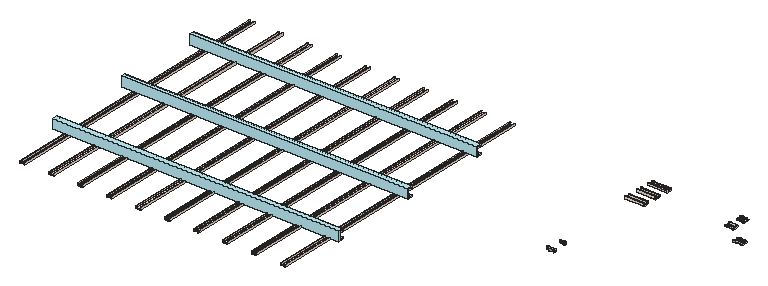
Revit family "ソエルWカバー(C100)", category 機械設備, Revit 2020
Family settings
  丸型コネクタ寸法 = 直径を使用
  種別 = なし
  パーツ タイプ = 標準
  作業面ベース = いいえ
  常に垂直 = はい
  ロード時にボイドで切り取り = いいえ
  共有 = いいえ
  部屋計算ポイント = いいえ
Parameters
  製造元 = "株式会社桐井製作所"
  既定の高さ = 0 mm
  URL = "https://www.kirii.co.jp/"
  K_名称 = "ソエルWカバー（C100）"
  K_バージョン情報 = "20231221"
Reference planes
  plane 1 "中心(正面/背面)": y = 0
  plane 2: z = 0
  plane 3 "中心(左/右)": x = 0
  plane 4: z = 19
Lines and regions (mm)
  model lines
    curve 1: line (3467.807, 3284.555, 0) -> (5717.807, 3284.555, 0)
    curve 2: line (5717.807, 2254.555, 0) -> (3467.807, 2254.555, 0)
    curve 3: line (3467.807, 3284.555, 0) -> (3467.807, 2254.555, 0)
    curve 4: line (3467.807, 2054.555, 0) -> (5217.807, 2054.555, 0)
    curve 5: line (5217.807, 1024.555, 0) -> (3467.807, 1024.555, 0)
    curve 6: line (3467.807, 2054.555, 0) -> (3467.807, 1024.555, 0)
    curve 7: line (5217.807, 2054.555, 0) -> (5217.807, 1024.555, 0)
    curve 8: line (5717.807, 3284.555, 0) -> (5717.807, 2254.555, 0)
    curve 9: line (5417.807, 2054.555, 0) -> (7167.807, 2054.555, 0)
    curve 10: line (7167.807, 1024.555, 0) -> (5417.807, 1024.555, 0)
    curve 11: line (5417.807, 2054.555, 0) -> (5417.807, 1024.555, 0)
    curve 12: line (7167.807, 2054.555, 0) -> (7167.807, 1024.555, 0)
Text (mm)
  text "ソエルWカバー(支持構造部:C100×50×20）" at (-488.376, 3567.466, 0), in view "{3D}"
  text "野縁および使用するジョイント" at (3607.293, 3147.828, 0), in view "{3D}"
  text "クリップ補強" at (3607.293, 1917.828, 0), in view "{3D}"
  text "・特殊20ｍｍクリップ" at (3707.619, 1735.328, 0), in view "{3D}"
  text "※「KIRII軽量下地材構造検討書集（ソエルWカバー）」の計算結果を参照し、天井仕様に反映下さい。" at (-488.376, 3427.466, 0), in view "{3D}"
  text "・ソエルWカバー" at (3707.619, 1584.078, 0), in view "{3D}"
  text "セルフドリリングビス" at (5557.293, 1917.828, 0), in view "{3D}"
  text "・KIRII耐震ビス\n（4.2×16)" at (5657.619, 1735.328, 0), in view "{3D}"
  text "・KIRI耐震ビス\n（4.8×25)" at (5657.619, 1370.328, 0), in view "{3D}"
  text "隣り合うジョイント位置は1ｍ以上離して千鳥状に配置する。" at (3707.619, 2355.395, -0.101), in view "{3D}"
  text "・CW-25" at (3707.619, 2814.31, -0.101), in view "{3D}"
  text "・CW-19" at (3707.619, 2964.31, -0.101), in view "{3D}"
  text "・25型Wバー（0.8）" at (3707.619, 2663.06, -0.101), in view "{3D}"
  text "+CW-25用ジョイント" at (4627.619, 2814.31, -0.101), in view "{3D}"
  text "+CW-19用ジョイント" at (4627.619, 2964.31, -0.101), in view "{3D}"
  text "+25型Wバー（0.8）ジョイント" at (4627.619, 2663.06, -0.101), in view "{3D}"
  text "ジョイント等の施工規定については、施工要領書をご確認下さい。\n●URL：ソエルWカバー\nhttps://www.kirii.co.jp/download/dw/sekou/sekou_soeru.pdf" at (7208.523, -40.501, -5856.164), in view "{3D}"
Dimensions and locks
  aligned and locked: level to plane 2
Nested families
  nested 1: "(JIS)100×50×20×2.3" at (-121, 575.25, 0) x (0, 1, 0) z (1, 0, 0), type "(JIS)100×50×20×2.3"
    with K_長さ(mm) 3000 mm
  nested 2: "(JIS)100×50×20×2.3" at (-121, 1474.75, 0) x (0, 1, 0) z (1, 0, 0), type "(JIS)100×50×20×2.3"
    with K_長さ(mm) 3000 mm
  nested 3: "(JIS)100×50×20×2.3" at (-121, 2374.75, 0) x (0, 1, 0) z (1, 0, 0), type "(JIS)100×50×20×2.3"
    with K_長さ(mm) 3000 mm
  nested 4: "特殊20mmWクリップ" at (25, 2425.462, -8), type "特殊20mmWクリップ"
  nested 5: "特殊20mmWクリップ" at (328, 2425.462, -8), type "特殊20mmWクリップ"
  nested 6: "特殊20mmWクリップ" at (631, 2425.462, -8), type "特殊20mmWクリップ"
  nested 7: "特殊20mmWクリップ" at (934, 2425.462, -8), type "特殊20mmWクリップ"
  nested 8: "特殊20mmWクリップ" at (1237, 2425.462, -8), type "特殊20mmWクリップ"
  nested 9: "特殊20mmWクリップ" at (1540, 2425.462, -8), type "特殊20mmWクリップ"
  nested 10: "特殊20mmWクリップ" at (1843, 2425.462, -8), type "特殊20mmWクリップ"
  nested 11: "特殊20mmWクリップ" at (2146, 2425.462, -8), type "特殊20mmWクリップ"
  nested 12: "特殊20mmWクリップ" at (2449, 2425.462, -8), type "特殊20mmWクリップ"
  nested 13: "特殊20mmWクリップ" at (2752, 2425.462, -8), type "特殊20mmWクリップ"
  nested 14: "特殊20mmWクリップ" at (25, 1525.462, -8), type "特殊20mmWクリップ"
  nested 15: "特殊20mmWクリップ" at (328, 1525.462, -8), type "特殊20mmWクリップ"
  nested 16: "特殊20mmWクリップ" at (631, 1525.462, -8), type "特殊20mmWクリップ"
  nested 17: "特殊20mmWクリップ" at (934, 1525.462, -8), type "特殊20mmWクリップ"
  nested 18: "特殊20mmWクリップ" at (1237, 1525.462, -8), type "特殊20mmWクリップ"
  nested 19: "特殊20mmWクリップ" at (1540, 1525.462, -8), type "特殊20mmWクリップ"
  nested 20: "特殊20mmWクリップ" at (1843, 1525.462, -8), type "特殊20mmWクリップ"
  nested 21: "特殊20mmWクリップ" at (2146, 1525.462, -8), type "特殊20mmWクリップ"
  nested 22: "特殊20mmWクリップ" at (2449, 1525.462, -8), type "特殊20mmWクリップ"
  nested 23: "特殊20mmWクリップ" at (2752, 1525.462, -8), type "特殊20mmWクリップ"
  nested 24: "特殊20mmWクリップ" at (25, 625.962, -8), type "特殊20mmWクリップ"
  nested 25: "特殊20mmWクリップ" at (328, 625.962, -8), type "特殊20mmWクリップ"
  nested 26: "特殊20mmWクリップ" at (631, 625.962, -8), type "特殊20mmWクリップ"
  nested 27: "特殊20mmWクリップ" at (934, 625.962, -8), type "特殊20mmWクリップ"
  nested 28: "特殊20mmWクリップ" at (1237, 625.962, -8), type "特殊20mmWクリップ"
  nested 29: "特殊20mmWクリップ" at (1540, 625.962, -8), type "特殊20mmWクリップ"
  nested 30: "特殊20mmWクリップ" at (1843, 625.962, -8), type "特殊20mmWクリップ"
  nested 31: "特殊20mmWクリップ" at (2146, 625.962, -8), type "特殊20mmWクリップ"
  nested 32: "特殊20mmWクリップ" at (2449, 625.962, -8), type "特殊20mmWクリップ"
  nested 33: "特殊20mmWクリップ" at (2752, 625.962, -8), type "特殊20mmWクリップ"
  nested 34: "ソエルWカバー" at (25, 2427.754, 1.25) x (-1, 0, 0) z (0, 0, 1), type "ソエルWカバー"
  nested 35: "ソエルWカバー" at (328, 2427.754, 1.25) x (-1, 0, 0) z (0, 0, 1), type "ソエルWカバー"
  nested 36: "ソエルWカバー" at (631, 2427.754, 1.25) x (-1, 0, 0) z (0, 0, 1), type "ソエルWカバー"
  nested 37: "ソエルWカバー" at (934, 2427.754, 1.25) x (-1, 0, 0) z (0, 0, 1), type "ソエルWカバー"
  nested 38: "ソエルWカバー" at (1237, 2427.754, 1.25) x (-1, 0, 0) z (0, 0, 1), type "ソエルWカバー"
  nested 39: "ソエルWカバー" at (1540, 2427.754, 1.25) x (-1, 0, 0) z (0, 0, 1), type "ソエルWカバー"
  nested 40: "ソエルWカバー" at (1843, 2427.754, 1.25) x (-1, 0, 0) z (0, 0, 1), type "ソエルWカバー"
  nested 41: "ソエルWカバー" at (2146, 2427.754, 1.25) x (-1, 0, 0) z (0, 0, 1), type "ソエルWカバー"
  nested 42: "ソエルWカバー" at (2449, 2427.754, 1.25) x (-1, 0, 0) z (0, 0, 1), type "ソエルWカバー"
  nested 43: "ソエルWカバー" at (2752, 2427.754, 1.25) x (-1, 0, 0) z (0, 0, 1), type "ソエルWカバー"
  nested 44: "ソエルWカバー" at (25, 1527.754, 1.25) x (-1, 0, 0) z (0, 0, 1), type "ソエルWカバー"
  nested 45: "ソエルWカバー" at (328, 1527.754, 1.25) x (-1, 0, 0) z (0, 0, 1), type "ソエルWカバー"
  nested 46: "ソエルWカバー" at (631, 1527.754, 1.25) x (-1, 0, 0) z (0, 0, 1), type "ソエルWカバー"
  nested 47: "ソエルWカバー" at (934, 1527.754, 1.25) x (-1, 0, 0) z (0, 0, 1), type "ソエルWカバー"
  nested 48: "ソエルWカバー" at (1237, 1527.754, 1.25) x (-1, 0, 0) z (0, 0, 1), type "ソエルWカバー"
  nested 49: "ソエルWカバー" at (1540, 1527.754, 1.25) x (-1, 0, 0) z (0, 0, 1), type "ソエルWカバー"
  nested 50: "ソエルWカバー" at (1843, 1527.754, 1.25) x (-1, 0, 0) z (0, 0, 1), type "ソエルWカバー"
  nested 51: "ソエルWカバー" at (2146, 1527.754, 1.25) x (-1, 0, 0) z (0, 0, 1), type "ソエルWカバー"
  nested 52: "ソエルWカバー" at (2449, 1527.754, 1.25) x (-1, 0, 0) z (0, 0, 1), type "ソエルWカバー"
  nested 53: "ソエルWカバー" at (2752, 1527.754, 1.25) x (-1, 0, 0) z (0, 0, 1), type "ソエルWカバー"
  nested 54: "ソエルWカバー" at (25, 628.254, 1.25) x (-1, 0, 0) z (0, 0, 1), type "ソエルWカバー"
  nested 55: "ソエルWカバー" at (328, 628.254, 1.25) x (-1, 0, 0) z (0, 0, 1), type "ソエルWカバー"
  nested 56: "ソエルWカバー" at (631, 628.254, 1.25) x (-1, 0, 0) z (0, 0, 1), type "ソエルWカバー"
  nested 57: "ソエルWカバー" at (934, 628.254, 1.25) x (-1, 0, 0) z (0, 0, 1), type "ソエルWカバー"
  nested 58: "ソエルWカバー" at (1237, 628.254, 1.25) x (-1, 0, 0) z (0, 0, 1), type "ソエルWカバー"
  nested 59: "ソエルWカバー" at (1540, 628.254, 1.25) x (-1, 0, 0) z (0, 0, 1), type "ソエルWカバー"
  nested 60: "ソエルWカバー" at (1843, 628.254, 1.25) x (-1, 0, 0) z (0, 0, 1), type "ソエルWカバー"
  nested 61: "ソエルWカバー" at (2146, 628.254, 1.25) x (-1, 0, 0) z (0, 0, 1), type "ソエルWカバー"
  nested 62: "ソエルWカバー" at (2449, 628.254, 1.25) x (-1, 0, 0) z (0, 0, 1), type "ソエルWカバー"
  nested 63: "ソエルWカバー" at (2752, 628.254, 1.25) x (-1, 0, 0) z (0, 0, 1), type "ソエルWカバー"
  nested 64: "ソエルWカバー" at (4323.345, 1542.909, 1.25) x (-1, 0, 0) z (0, 0, 1), type "ソエルWカバー"
  nested 65: "特殊20mmWクリップ" at (4323.973, 1698.531, -8), type "特殊20mmWクリップ"
  nested 66: "CW-19用ジョイント" at (5227.658, 2913.211, 0), type "CW-19用ジョイント"
    with K_JIS外 no, K_JIS yes
  nested 67: "CW-25用ジョイント" at (5228.587, 2764.406, 0), type "CW-25用ジョイント"
    with K_JIS外 no, K_JIS yes
  nested 68: "CW-19" at (2752, 0, -19) x (0, 1, 0) z (0, 0, 1), type "CW-19"
    with K_長さ(mm) 3000 mm, K_JIS外 no, K_JIS yes
  nested 69: "CW-19" at (2449, 0, -19) x (0, 1, 0) z (0, 0, 1), type "CW-19"
    with K_長さ(mm) 3000 mm, K_JIS外 no, K_JIS yes
  nested 70: "CW-19" at (2146, 0, -19) x (0, 1, 0) z (0, 0, 1), type "CW-19"
    with K_長さ(mm) 3000 mm, K_JIS外 no, K_JIS yes
  nested 71: "CW-19" at (1843, 0, -19) x (0, 1, 0) z (0, 0, 1), type "CW-19"
    with K_長さ(mm) 3000 mm, K_JIS外 no, K_JIS yes
  nested 72: "CW-19" at (1540, 0, -19) x (0, 1, 0) z (0, 0, 1), type "CW-19"
    with K_長さ(mm) 3000 mm, K_JIS外 no, K_JIS yes
  nested 73: "CW-19" at (1237, 0, -19) x (0, 1, 0) z (0, 0, 1), type "CW-19"
    with K_長さ(mm) 3000 mm, K_JIS外 no, K_JIS yes
  nested 74: "CW-19" at (934, 0, -19) x (0, 1, 0) z (0, 0, 1), type "CW-19"
    with K_長さ(mm) 3000 mm, K_JIS外 no, K_JIS yes
  nested 75: "CW-19" at (631, 0, -19) x (0, 1, 0) z (0, 0, 1), type "CW-19"
    with K_長さ(mm) 3000 mm, K_JIS外 no, K_JIS yes
  nested 76: "CW-19" at (328, 0, -19) x (0, 1, 0) z (0, 0, 1), type "CW-19"
    with K_長さ(mm) 3000 mm, K_JIS外 no, K_JIS yes
  nested 77: "CW-19" at (25, 0, -19) x (0, 1, 0) z (0, 0, 1), type "CW-19"
    with K_長さ(mm) 3000 mm, K_JIS外 no, K_JIS yes
  nested 78: "CW-19" at (4262.587, 2912.277, 0), type "CW-19"
    with K_長さ(mm) 200 mm, K_JIS外 no, K_JIS yes
  nested 79: "CW-25" at (4262.587, 2764.406, 0), type "CW-25"
    with K_長さ(mm) 200 mm, K_JIS外 no, K_JIS yes
  nested 80: "25形Wバー(0.8)" at (4257.807, 2614.555, 0), type "25形Wバー(0.8)"
    with K_長さ(mm) 200 mm
  nested 81: "25形Wバー(0.8）ジョイント" at (5437.807, 2609.555, 0), type "25形Wバー(0.8）ジョイント"
Definition of nested family "(JIS)100×50×20×2.3"
  Parameters (values of type "(JIS)100×50×20×2.3")
    Manufacturer = "株式会社桐井製作所"
    Default Elevation = 0 mm
    URL = "https://www.kirii.co.jp/"
    K_長さ(mm) [instance] = 1000 mm
    K_材質 = "SSC400"
    K_断面積A(mm2) = 517.2
    K_断面係数Zy(mm3) = 6058
    K_断面係数Zx(mm3) = 16130
    K_断面2次半径iy(mm) = 19.2
    K_断面2次半径ix(mm) = 39.5
    K_断面2次モーメントIy(mm4) = 190000
    K_断面2次モーメントIx(mm4) = 806900
    K_外形寸法(mm) = "100×50×20×2.3"
    K_品名 = "(JIS)100×50×20×2.3"
    K_名称 = "補強材"
    K_単位質量(kg/m) = 4.101
    K_ヤング係数E(N/mm2) = 205000
    K_バージョン情報 = "20210524"
    K_めっき付着量 = "Z12"
    K_JIS規格 = "JIS G 3350"
  Reference planes
    plane 1 "中心(正面/背面)": y = 0
    plane 2: z = 0
    plane 3 "中心(左/右)": x = 0
    plane 4: z = 1000
    plane 5: y = 100
  Forms (mm)
    Extrusion 1, solid
      sketch origin (0, 0, 0) x (1, 0, 0) y (0, 1, 0)
        loop
          line (0, 0) -> (50, 0) -> (50, 20) -> (47.7, 20) -> (47.7, 2.3) -> (2.3, 2.3) -> (2.3, 97.7) -> (47.7, 97.7) -> (47.7, 80) -> (50, 80) -> (50, 100) -> (0, 100) -> (0, 0)
      from 0 to 1000
  Dimensions and locks
    "K_長さ(mm)": plane 4 to plane 2
    aligned and locked: level to plane 2
    aligned and locked: plane 4 to Extrusion 1
    aligned and locked: plane 5 to Extrusion 1  (x2)
  Automatic sketch dimensions
    Extrusion 1 sketch curve to plane 3 "中心(左/右)" = 0 mm
    plane 1 "中心(正面/背面)" to Extrusion 1 sketch curve = 0 mm
    plane 3 "中心(左/右)" to Extrusion 1 sketch curve = 2.3 mm
    Extrusion 1 sketch curve to plane 1 "中心(正面/背面)" = 20 mm
    Extrusion 1 sketch curve to Extrusion 1 sketch curve = 45.4 mm  (x2)
    Extrusion 1 sketch curve to Extrusion 1 sketch curve = 2.3 mm  (x3)
    Extrusion 1 sketch curve to plane 1 "中心(正面/背面)" = 2.3 mm
    Extrusion 1 sketch curve to Extrusion 1 sketch curve = 60 mm
    Extrusion 1 sketch curve to Extrusion 1 sketch curve = 17.7 mm
Definition of nested family "特殊20mmWクリップ"
  Parameters (values of type "特殊20mmWクリップ")
    Manufacturer = "株式会社桐井製作所"
    Default Elevation = 0 mm
    URL = "https://www.kirii.co.jp/"
    K_品名 = "特殊20mmWクリップ"
    K_名称 = "特殊クリップ"
    K_入数 = "1000"
    K_バージョン情報 = "20211012"
  Reference planes
    plane 1 "中心(正面/背面)": y = 0
    plane 2: z = 0
    plane 3 "中心(左/右)": x = 0
  Forms (mm)
    Extrusion 1, solid
      sketch origin (0, 30, 0) x (0, 1, 0) y (0, 0, 1)
        loop
          line (-30, 0) -> (-29.4, -0.6) -> (-29.4, 26.75)
          arc (-29.4, 26.75) -> (-29.034, 27.634) -> (-28.15, 28) r 1.25
          line (-28.15, 28) -> (-26.25, 28)
          arc (-26.25, 28) -> (-25.79, 27.81) -> (-25.6, 27.35) r 0.65
          line (-25.6, 27.35) -> (-25.6, 13.75) -> (-25, 14.35) -> (-25, 27.35)
          arc (-25, 27.35) -> (-25.366, 28.234) -> (-26.25, 28.6) r 1.25
          line (-26.25, 28.6) -> (-28.75, 28.6)
          arc (-28.75, 28.6) -> (-29.634, 28.234) -> (-30, 27.35) r 1.25
          line (-30, 27.35) -> (-30, 0)
      from -26.5 to 26.5
    Extrusion 2, void
      sketch origin (0, 0, 0) x (1, 0, 0) y (0, 0, 1)
        loop
          line (26.5, 16.35) -> (17.5, 10.5) -> (17.5, 4.5)
          arc (17.5, 4.5) -> (18.602, 3.054) -> (20.289, 3.732) r 1.5
          line (20.289, 3.732) -> (22.6, 7.611)
          arc (22.6, 7.611) -> (22.933, 8.019) -> (23.4, 7.775) r 0.417
          line (23.4, 7.775) -> (23.4, 3)
          arc (23.4, 3) -> (22.521, 0.879) -> (20.4, 0) r 3
          line (20.4, 0) -> (26.5, 0) -> (26.5, 16.35)
        loop
          line (-26.5, 16.35) -> (-26.5, 0) -> (-20.4, 0)
          arc (-20.4, 0) -> (-22.521, 0.879) -> (-23.4, 3) r 3
          line (-23.4, 3) -> (-23.4, 7.775)
          arc (-23.4, 7.775) -> (-22.933, 8.019) -> (-22.6, 7.611) r 0.417
          line (-22.6, 7.611) -> (-20.289, 3.732)
          arc (-20.289, 3.732) -> (-18.602, 3.054) -> (-17.5, 4.5) r 1.5
          line (-17.5, 4.5) -> (-17.5, 10.5) -> (-26.5, 16.35)
      from -1.85 to 0.213
    Extrusion 3, void
      sketch origin (0, -0.6, -0.8) x (0, 1, 0) y (0, 0, 1)
        loop
          line (0.387, 0.8) -> (0.387, -0.064) -> (1.428, -0.064) -> (1.428, 0.8) -> (0.387, 0.8)
      from -27.5 to 27.5
    Extrusion 4, void
      sketch origin (-10.419, 0, -0.611) x (1, 0, 0) y (0, 0, 1)
        loop
          arc (-2.081, 28.211) -> (-1.495, 26.796) -> (-0.081, 26.211) r 2
          line (-0.081, 26.211) -> (3.419, 26.211)
          arc (3.419, 26.211) -> (4.833, 26.796) -> (5.419, 28.211) r 2
          line (5.419, 28.211) -> (5.419, 29.211) -> (-2.081, 29.211) -> (-2.081, 28.211)
      from -3.583 to 0.213
    Extrusion 5, void
      sketch origin (-10.5, 0, 0) x (1, 0, 0) y (0, 0, 1)
        loop
          line (5.5, 28.6) -> (-2, 28.6) -> (-2, 13.497) -> (5.5, 13.497) -> (5.5, 28.6)
      from -3.583 to -5.28
    Extrusion 6, void
      sketch origin (10.581, 0, -0.767) x (1, 0, 0) y (0, 0, 1)
        loop
          line (1.919, 28.367) -> (1.919, 29.367) -> (-5.581, 29.367) -> (-5.581, 28.367)
          arc (-5.581, 28.367) -> (-4.995, 26.953) -> (-3.581, 26.367) r 2
          line (-3.581, 26.367) -> (-0.081, 26.367)
          arc (-0.081, 26.367) -> (1.333, 26.953) -> (1.919, 28.367) r 2
      from -3.583 to 0.213
    Extrusion 7, void
      sketch origin (10.5, 0, 7.03) x (1, 0, 0) y (0, 0, 1)
        loop
          line (-5.5, 21.57) -> (-5.5, 6.468) -> (2, 6.468) -> (2, 21.57) -> (-5.5, 21.57)
      from -3.583 to -5.28
    Extrusion 8, void
      sketch origin (0, -11.6, -5.393) x (0, 1, 0) y (0, 0, 1)
        loop
          line (15.7, 19.745) -> (15.7, 18.89) -> (16.88, 18.89) -> (16.88, 19.745) -> (15.7, 19.745)
      from -26.5 to 26.5
    Extrusion 9, solid
      sketch origin (0, 0, 0) x (1, 0, 0) y (0, 0, 1)
        loop
          arc (-19.208, 23.6) -> (-22.364, 21.243) -> (-21.002, 17.547) r 3.292
          line (-21.002, 17.547) -> (-14.93, 13.6) -> (-13.5, 13.6)
          arc (-13.5, 13.6) -> (-12.793, 13.307) -> (-12.5, 12.6) r 1
          line (-12.5, 12.6) -> (-12.5, 7.5)
          arc (-12.5, 7.5) -> (-11.475, 5.025) -> (-9, 4) r 3.5
          arc (-9, 4) -> (-6.525, 5.025) -> (-5.5, 7.5) r 3.5
          line (-5.5, 7.5) -> (-5.5, 12.6)
          arc (-5.5, 12.6) -> (-5.207, 13.307) -> (-4.5, 13.6) r 1
          line (-4.5, 13.6) -> (0, 13.6) -> (4.5, 13.6)
          arc (4.5, 13.6) -> (5.207, 13.307) -> (5.5, 12.6) r 1
          line (5.5, 12.6) -> (5.5, 7.5)
          arc (5.5, 7.5) -> (6.525, 5.025) -> (9, 4) r 3.5
          arc (9, 4) -> (11.475, 5.025) -> (12.5, 7.5) r 3.5
          line (12.5, 7.5) -> (12.5, 12.6)
          arc (12.5, 12.6) -> (12.793, 13.307) -> (13.5, 13.6) r 1
          line (13.5, 13.6) -> (14.93, 13.6) -> (21.002, 17.547)
          arc (21.002, 17.547) -> (22.364, 21.243) -> (19.208, 23.6) r 3.292
          line (19.208, 23.6) -> (0, 23.6) -> (-19.208, 23.6)
      from 0 to 0.9
    Extrusion 10, solid
      sketch origin (0, 0, 0) x (1, 0, 0) y (0, 0, 1)
        loop
          arc (-23.4, 3) -> (-22.521, 0.879) -> (-20.4, 0) r 3
          line (-20.4, 0) -> (20.4, 0)
          arc (20.4, 0) -> (22.521, 0.879) -> (23.4, 3) r 3
          line (23.4, 3) -> (23.4, 7.775)
          arc (23.4, 7.775) -> (22.933, 8.019) -> (22.6, 7.611) r 0.417
          line (22.6, 7.611) -> (22.6, 3)
          arc (22.6, 3) -> (21.956, 1.444) -> (20.4, 0.8) r 2.2
          line (20.4, 0.8) -> (-20.4, 0.8)
          arc (-20.4, 0.8) -> (-21.956, 1.444) -> (-22.6, 3) r 2.2
          line (-22.6, 3) -> (-22.6, 7.611)
          arc (-22.6, 7.611) -> (-22.933, 8.019) -> (-23.4, 7.775) r 0.417
          line (-23.4, 7.775) -> (-23.4, 3)
      from -4.5 to -0.6
  Cuts and joins
    Extrusion 2, Extrusion 3, Extrusion 4, Extrusion 5, Extrusion 6, Extrusion 7, Extrusion 8 cuts Extrusion 1
    joined: Extrusion 1, Extrusion 9, Extrusion 10
  Dimensions and locks
    aligned and locked: level to plane 2
Definition of nested family "ソエルWカバー"
  Parameters (values of type "ソエルWカバー")
    Manufacturer = "株式会社桐井製作所"
    Default Elevation = 0 mm
    URL = "https://www.kirii.co.jp/"
    K_許容荷重(鉛直)(N) = 660
    K_許容荷重(水平)(N) = 250
    K_板厚(mm) = 1.2 mm
    K_材質 = "SGCC"
    K_品名 = "ソエルWカバー"
    K_名称 = "野縁直付天井用クリップ補強金具"
    K_入数 = "100"
    K_バージョン情報 = "20211216"
    K_めっき付着量 = "Z12"
    K_JIS規格 = "JIS G 3302"
  Reference planes
    plane 1 "中心(正面/背面)": y = 0
    plane 2: z = 0
    plane 3 "中心(左/右)": x = 0
  Forms (mm)
    Extrusion 1, solid
      sketch origin (0, -8.287, 0) x (1, 0, 0) y (0, 0, 1)
        loop
          arc (-23.8, 0) -> (-25.497, -0.703) -> (-26.2, -2.4) r 2.4
          line (-26.2, -2.4) -> (-26.2, -16.2) -> (-25, -16.2) -> (-25, -2.4)
          arc (-25, -2.4) -> (-24.649, -1.551) -> (-23.8, -1.2) r 1.2
          line (-23.8, -1.2) -> (23.8, -1.2)
          arc (23.8, -1.2) -> (24.649, -1.551) -> (25, -2.4) r 1.2
          line (25, -2.4) -> (25, -16.2) -> (26.2, -16.2) -> (26.2, -2.4)
          arc (26.2, -2.4) -> (25.497, -0.703) -> (23.8, 0) r 2.4
          line (23.8, 0) -> (-23.8, 0)
      from -7.087 to 12.913
    Extrusion 2, void
      sketch origin (0, -1.2, 0) x (0, 1, 0) y (0, 0, 1)
        loop
          line (-5, -16.2) -> (0, -16.2) -> (0, -6.2) -> (-5, -16.2)
      from -26.2 to 26.2
    Extrusion 3, solid
      sketch origin (0, -1.2, 0) x (1, 0, 0) y (0, 0, 1)
        loop
          line (45, 28.8) -> (-45, 28.8) -> (-45, 21.8) -> (-22.801, 21.8) -> (-32.5, 5) -> (-32.5, 0) -> (32.5, 0) -> (32.5, 5) -> (22.801, 21.8) -> (45, 21.8) -> (45, 28.8)
      from -2.4 to -1.2
    Extrusion 4, solid
      sketch origin (0, -1.2, 0) x (0, 1, 0) y (0, 0, 1)
        loop
          line (-20, -1.2) -> (1.2, -1.2)
          arc (1.2, -1.2) -> (2.049, -0.849) -> (2.4, 0) r 1.2
          line (2.4, 0) -> (-20, 0) -> (-20, -1.2)
      from -23.8 to 23.807
    Extrusion 5, void
      sketch origin (0, -1.2, 0) x (0, 1, 0) y (0, 0, 1)
        loop
          circle (-10, -8.7) r 2.25
      from 25 to 26.2
    Extrusion 6, void
      sketch origin (0, -1.2, 0) x (0, 1, 0) y (0, 0, 1)
        loop
          circle (-10, -8.7) r 2.25
      from -26.2 to -25
    Extrusion 7, void
      sketch origin (0, -1.2, 0) x (1, 0, 0) y (0, 0, 1)
        loop
          circle (-18, 4) r 1
        loop
          circle (18, 4) r 1
        loop
          circle (0, 8.8) r 2.25
      from -2.4 to -1.2
    Extrusion 8, solid
      sketch origin (0, 0, 0) x (0, 1, 0) y (0, 0, 1)
        loop
          line (6.9, 1.8) -> (6.9, 19.792)
          arc (6.9, 19.792) -> (6.619, 20.564) -> (5.907, 20.974) r 1.2
          line (5.907, 20.974) -> (1.2, 21.8) -> (0, 21.8)
          arc (0, 21.8) -> (0.281, 21.028) -> (0.993, 20.618) r 1.2
          line (0.993, 20.618) -> (5.7, 19.792) -> (5.7, 1.8) -> (6.9, 1.8)
      from -45 to 45
    Extrusion 9, void
      sketch origin (0, 0, 0) x (1, 0, 0) y (0, 0, 1)
        loop
          line (-40, 1.8) -> (40, 1.8) -> (28.453, 21.8) -> (-28.453, 21.8) -> (-40, 1.8)
      from -6.9 to -1.2
    Extrusion 10, void
      sketch origin (0, 0, 0) x (1, 0, 0) y (0, 0, 1)
        loop
          circle (-29.497, 3) r 1.597
        loop
          circle (29.497, 3) r 1.603
      from -0.649 to 0
  Cuts and joins
    Extrusion 2, Extrusion 5, Extrusion 6 cuts Extrusion 1
    Extrusion 7, Extrusion 9, Extrusion 10 cuts Extrusion 3
    Extrusion 10 cuts Extrusion 4
    Extrusion 9, Extrusion 10 cuts Extrusion 8
    joined: Extrusion 3, Extrusion 4, Extrusion 8
  Dimensions and locks
    aligned and locked: level to plane 2
    aligned and locked: plane 1 "中心(正面/背面)" to Extrusion 10
Definition of nested family "CW-19用ジョイント"
  Parameters (values of type "CW-19用ジョイント")
    Manufacturer = "株式会社桐井製作所"
    Default Elevation = 0 mm
    URL = "https://www.kirii.co.jp/"
    K_材質 = "SGCC　一般用"
    K_品名 = "CW-19用ジョイント"
    K_名称 = "野縁ジョイント"
    K_単位質量(kg/個) = 0.029
    K_入数 = "200"
    K_バージョン情報 = "20210524"
    K_めっき付着量 = "Z12"
    K_JIS規格 = "JIS G 3302"
    K_JIS外 [instance] = not(K_JIS)  # no
    K_JIS [instance] = yes
  Reference planes
    plane 1 "中心(正面/背面)": y = 0
    plane 2: z = 0
    plane 3 "中心(左/右)": x = 0
  Forms (mm)
    Extrusion 1, solid
      sketch origin (0, 0, 0) x (0, 1, 0) y (0, 0, 1)
        loop
          line (20.385, 4.53) -> (-20.385, 4.53) -> (-21.352, 1.547)
          arc (-21.352, 1.547) -> (-22.967, 0.546) -> (-24.22, 1.976) r 1.47
          line (-24.22, 1.976) -> (-24.459, 16.547) -> (-25, 17.191) -> (-24.75, 1.967)
          arc (-24.75, 1.967) -> (-23.046, 0.022) -> (-20.847, 1.384) r 2
          line (-20.847, 1.384) -> (-20, 4) -> (20, 4) -> (20.847, 1.384)
          arc (20.847, 1.384) -> (23.046, 0.022) -> (24.75, 1.967) r 2
          line (24.75, 1.967) -> (25, 17.191) -> (24.459, 16.547) -> (24.22, 1.976)
          arc (24.22, 1.976) -> (22.967, 0.546) -> (21.352, 1.547) r 1.47
          line (21.352, 1.547) -> (20.385, 4.53)
      from -42.5 to 42.5
    Extrusion 2, solid
      sketch origin (0, -13.587, -0.882) x (0, 0.997137, -0.075613) y (0, 0.075613, 0.997137)
        loop
          arc (-12.378, 13.168) -> (-15.089, 9.905) -> (-11.826, 7.194) r 3
          line (-11.826, 7.194) -> (-12.378, 13.168)
      from -0.5 to 0
    Extrusion 3, void
      sketch origin (0, -13.071, 0.1) x (1, 0, 0) y (0, -0.008054, 0.999968)
        loop
          arc (0, 7.2) -> (3, 10.2) -> (0, 13.2) r 3
          line (0, 13.2) -> (0, 7.2)
      from 11 to 12
    Extrusion 4, void
      sketch origin (0, 0, 0) x (1, 0, 0) y (0, 0, 1)
        loop
          line (31.511, 17.191) -> (41.4, 9.1)
          arc (41.4, 9.1) -> (42.211, 8.063) -> (42.5, 6.778) r 3
          line (42.5, 6.778) -> (42.5, 17.191) -> (31.511, 17.191)
        loop
          line (-42.5, 17.191) -> (-42.5, 6.778)
          arc (-42.5, 6.778) -> (-42.211, 8.063) -> (-41.4, 9.1) r 3
          line (-41.4, 9.1) -> (-31.511, 17.191) -> (-42.5, 17.191)
      from -26 to 26
  Cuts and joins
    Extrusion 3, Extrusion 4 cuts Extrusion 1
    joined: Extrusion 1, Extrusion 2
  Dimensions and locks
    aligned and locked: level to plane 2
Definition of nested family "CW-25用ジョイント"
  Parameters (values of type "CW-25用ジョイント")
    Manufacturer = "株式会社桐井製作所"
    Default Elevation = 0 mm
    URL = "https://www.kirii.co.jp/"
    K_材質 = "SGCC　一般用"
    K_品名 = "CW-25用ジョイント"
    K_名称 = "野縁ジョイント"
    K_単位質量(kg/個) = 0.037
    K_入数 = "160"
    K_バージョン情報 = "20210524"
    K_めっき付着量 = "Z12"
    K_JIS規格 = "JIS G 3302"
    K_JIS外 [instance] = not(K_JIS)  # no
    K_JIS [instance] = yes
  Reference planes
    plane 1 "中心(正面/背面)": y = 0
    plane 2: z = 0
    plane 3 "中心(左/右)": x = 0
  Forms (mm)
    Extrusion 1, solid
      sketch origin (0, 0, 0.154) x (0, 1, 0) y (0, 0, 1)
        loop
          line (-17.76, 3.009) -> (0, 3.009) -> (17.76, 3.009)
          arc (17.76, 3.009) -> (21.125, 0.011) -> (24.25, 3.259) r 3.25
          line (24.25, 3.259) -> (26, 22.64) -> (25.448, 22.088) -> (23.702, 2.745)
          arc (23.702, 2.745) -> (20.955, 0.509) -> (18.283, 2.833) r 2.75
          arc (18.283, 2.833) -> (18.013, 3.317) -> (17.493, 3.509) r 0.8
          line (17.493, 3.509) -> (0, 3.509) -> (-17.493, 3.509)
          arc (-17.493, 3.509) -> (-18.013, 3.317) -> (-18.283, 2.833) r 0.8
          arc (-18.283, 2.833) -> (-20.955, 0.509) -> (-23.702, 2.745) r 2.75
          line (-23.702, 2.745) -> (-25.449, 22.093) -> (-26.001, 22.645) -> (-24.25, 3.259)
          arc (-24.25, 3.259) -> (-21.125, 0.011) -> (-17.76, 3.009) r 3.25
      from -46 to 46
    Extrusion 2, solid
      sketch origin (0.25, -13.587, -0.748) x (0, 0.997137, -0.075613) y (0, 0.075613, 0.997137)
        loop
          arc (-13.166, 16.596) -> (-15.63, 13.142) -> (-12.176, 10.678) r 3
          line (-12.176, 10.678) -> (-13.166, 16.596)
      from -0.5 to 0
    Extrusion 3, void
      sketch origin (-0.27, -13.382, 23.939) x (-1, 0, 0) y (0, -0.008054, -0.999968)
        loop
          arc (-0.02, 7.239) -> (2.974, 10.239) -> (-0.02, 13.239) r 3
          line (-0.02, 13.239) -> (-0.02, 7.239)
      from 10.527 to 12.242
    Extrusion 4, void
      sketch origin (0, 0, 0) x (1, 0, 0) y (0, 0, 1)
        loop
          arc (44.462, 18.434) -> (45.58, 17.513) -> (46, 16.126) r 2.5
          line (46, 16.126) -> (46, 22.793) -> (33, 22.793)
          arc (33, 22.793) -> (33.981, 22.696) -> (34.923, 22.408) r 5
          line (34.923, 22.408) -> (44.462, 18.434)
        loop
          arc (-34.923, 22.408) -> (-33.981, 22.696) -> (-33, 22.793) r 5
          line (-33, 22.793) -> (-46, 22.793) -> (-46, 16.126)
          arc (-46, 16.126) -> (-45.58, 17.513) -> (-44.462, 18.434) r 2.5
          line (-44.462, 18.434) -> (-34.923, 22.408)
      from -26.529 to 26.374
  Cuts and joins
    Extrusion 3, Extrusion 4 cuts Extrusion 1
    joined: Extrusion 1, Extrusion 2
  Dimensions and locks
    aligned and locked: level to plane 2
Definition of nested family "CW-19"
  Parameters (values of type "CW-19")
    Manufacturer = "株式会社桐井製作所"
    Default Elevation = 0 mm
    URL = "https://www.kirii.co.jp/"
    K_長さ(mm) [instance] = 1000 mm
    K_材質 = "SGCC　一般用"
    K_断面積A(mm2) = 49
    K_断面係数Zy(mm3) = 768.8
    K_断面係数Zx(mm3) = 184.8
    K_断面2次半径iy(mm) = 19.8
    K_断面2次半径ix(mm) = 7
    K_断面2次モーメントIy(mm4) = 19220
    K_断面2次モーメントIx(mm4) = 2395
    K_外形寸法(mm) = "19×50×0.5"
    K_品名 = "CW-19"
    K_名称 = "野縁"
    K_単位質量(kg/m) = 0.403
    K_ヤング係数E(N/mm2) = 205000
    K_バージョン情報 = "20210524"
    K_めっき付着量 = "Z12"
    K_JIS規格 = "JIS G 3302"
    K_JIS外 [instance] = not(K_JIS)  # no
    K_JIS [instance] = yes
  Reference planes
    plane 1 "中心(正面/背面)": y = 0
    plane 2: z = 0
    plane 3 "中心(左/右)": x = 0
    plane 4: x = 1000
    plane 5: y = 25
    plane 6: y = -25
    plane 7: z = 19
  Forms (mm)
    Extrusion 1, solid
      sketch origin (0, 0, 0) x (0, -1, 0) y (0, 0, 1)
        loop
          line (-25, 0) -> (-20.2, 0) -> (-19.052, 0.5) -> (-11.148, 0.5) -> (-10, 0) -> (10, 0) -> (11.148, 0.5) -> (19.052, 0.5) -> (20.2, 0) -> (25, 0) -> (25, 19) -> (21, 19) -> (21, 16.246) -> (21.5, 15.532) -> (21.5, 18.5) -> (24.5, 18.5) -> (24.5, 0.5) -> (20.304, 0.5) -> (19.156, 1) -> (11.044, 1) -> (9.896, 0.5) -> (-9.896, 0.5) -> (-11.044, 1) -> (-19.156, 1) -> (-20.304, 0.5) -> (-24.5, 0.5) -> (-24.5, 18.5) -> (-21.5, 18.5) -> (-21.5, 15.532) -> (-21, 16.246) -> (-21, 19) -> (-25, 19) -> (-25, 0)
      from 0 to -1000
    Extrusion 2, void
      sketch origin (0, 0, 0) x (0, 1, 0) y (0, 0, 1)
        loop
          line (-21.893, 16.282) -> (-21.893, 14.539) -> (22.033, 14.539) -> (22.033, 16.282) -> (-21.893, 16.282)
      from 0 to 1000
  Cuts and joins
    Extrusion 2 cuts Extrusion 1
  Dimensions and locks
    "K_長さ(mm)": plane 3 "中心(左/右)" to plane 4
    aligned and locked: level to plane 2
    aligned and locked: plane 4 to Extrusion 1
    aligned and locked: Extrusion 1 to Extrusion 2
    aligned and locked: Extrusion 2 to plane 3 "中心(左/右)"
  Automatic sketch dimensions
    plane 6 to Extrusion 2 sketch curve = 3.107 mm
    Extrusion 2 sketch curve to plane 5 = 2.967 mm
    Extrusion 2 sketch curve to Extrusion 2 sketch curve = 1.744 mm
    Extrusion 2 sketch curve to plane 7 = 4.461 mm
    Extrusion 1 sketch curve to level = 0 mm  (x3)
    Extrusion 1 sketch curve to plane 5 = 0 mm
    Extrusion 1 sketch curve to plane 6 = 0 mm
    Extrusion 1 sketch curve to plane 5 = 0.5 mm
    Extrusion 1 sketch curve to plane 5 = 3.5 mm
    Extrusion 1 sketch curve to Extrusion 1 sketch curve = 0.5 mm  (x2)
    level to Extrusion 1 sketch curve = 0.5 mm  (x5)
    Extrusion 1 sketch curve to Extrusion 1 sketch curve = 4.196 mm
    Extrusion 1 sketch curve to Extrusion 1 sketch curve = 0.104 mm  (x8)
    level to Extrusion 1 sketch curve = 1 mm  (x2)
    Extrusion 1 sketch curve to Extrusion 1 sketch curve = 1.148 mm  (x4)
    Extrusion 1 sketch curve to Extrusion 1 sketch curve = 7.903 mm
    plane 1 "中心(正面/背面)" to Extrusion 1 sketch curve = 9.896 mm
    plane 6 to Extrusion 1 sketch curve = 5.948 mm
    plane 6 to Extrusion 1 sketch curve = 4 mm
    plane 6 to Extrusion 1 sketch curve = 0.5 mm
    Extrusion 1 sketch curve to plane 7 = 3.468 mm  (x2)
    Extrusion 1 sketch curve to Extrusion 1 sketch curve = 0.714 mm  (x2)
    Extrusion 1 sketch curve to plane 7 = 0.5 mm  (x2)
    Extrusion 1 sketch curve to plane 7 = 0 mm  (x2)
Definition of nested family "CW-25"
  Parameters (values of type "CW-25")
    Manufacturer = "株式会社桐井製作所"
    Default Elevation = 0 mm
    URL = "https://www.kirii.co.jp/"
    K_長さ(mm) [instance] = 1000 mm
    K_材質 = "SGCC　一般用"
    K_断面積A(mm2) = 55
    K_断面係数Zy(mm3) = 921.6
    K_断面係数Zx(mm3) = 276.5
    K_断面2次半径iy(mm) = 20.5
    K_断面2次半径ix(mm) = 9.1
    K_断面2次モーメントIy(mm4) = 23040
    K_断面2次モーメントIx(mm4) = 4578
    K_外形寸法(mm) = "25×50×0.5"
    K_品名 = "CW-25"
    K_名称 = "野縁"
    K_単位質量(kg/m) = 0.452
    K_ヤング係数E(N/mm2) = 205000
    K_バージョン情報 = "20210524"
    K_めっき付着量 = "Z12"
    K_JIS規格 = "JIS G 3302"
    K_JIS外 [instance] = not(K_JIS)  # no
    K_JIS [instance] = yes
  Reference planes
    plane 1 "中心(正面/背面)": y = 0
    plane 2: z = 0
    plane 3 "中心(左/右)": x = 0
    plane 4: x = 1000
    plane 5: z = 25
    plane 6: y = 25
    plane 7: y = -25
  Forms (mm)
    Extrusion 1, solid
      sketch origin (0, 0, 0) x (0, -1, 0) y (0, 0, 1)
        loop
          line (-25, 0) -> (-20.2, 0) -> (-19.052, 0.5) -> (-11.148, 0.5) -> (-10, 0) -> (10, 0) -> (11.148, 0.5) -> (19.052, 0.5) -> (20.2, 0) -> (25, 0) -> (25, 25) -> (21, 25) -> (21, 22.3) -> (21.5, 21.586) -> (21.5, 24.5) -> (24.5, 24.5) -> (24.5, 0.5) -> (20.304, 0.5) -> (19.156, 1) -> (11.044, 1) -> (9.896, 0.5) -> (-9.896, 0.5) -> (-11.044, 1) -> (-19.156, 1) -> (-20.304, 0.5) -> (-24.5, 0.5) -> (-24.5, 24.5) -> (-21.5, 24.5) -> (-21.5, 21.586) -> (-21, 22.3) -> (-21, 25) -> (-25, 25) -> (-25, 0)
      from 0 to -1000
    Extrusion 2, void
      sketch origin (0, 0, 0) x (0, 1, 0) y (0, 0, 1)
        loop
          line (-21.893, 22.336) -> (-21.893, 20.592) -> (22.033, 20.592) -> (22.033, 22.336) -> (-21.893, 22.336)
      from 0 to 1000
  Cuts and joins
    Extrusion 2 cuts Extrusion 1
  Dimensions and locks
    plane 5 to level = 25 mm
    "K_長さ(mm)": plane 3 "中心(左/右)" to plane 4
    aligned and locked: level to plane 2
    aligned and locked: plane 4 to Extrusion 1
    aligned and locked: Extrusion 1 to Extrusion 2
    aligned and locked: Extrusion 2 to plane 3 "中心(左/右)"
  Automatic sketch dimensions
    Extrusion 1 sketch curve to level = 0 mm  (x3)
    Extrusion 1 sketch curve to plane 6 = 0 mm
    Extrusion 1 sketch curve to plane 5 = 0 mm  (x2)
    Extrusion 1 sketch curve to plane 7 = 0 mm
    Extrusion 1 sketch curve to plane 6 = 0.5 mm
    Extrusion 1 sketch curve to plane 5 = 0.5 mm  (x2)
    Extrusion 1 sketch curve to Extrusion 1 sketch curve = 3 mm
    Extrusion 1 sketch curve to Extrusion 1 sketch curve = 0.5 mm  (x2)
    level to Extrusion 1 sketch curve = 0.5 mm  (x5)
    Extrusion 1 sketch curve to Extrusion 1 sketch curve = 4.196 mm
    Extrusion 1 sketch curve to Extrusion 1 sketch curve = 0.104 mm  (x8)
    level to Extrusion 1 sketch curve = 1 mm  (x2)
    Extrusion 1 sketch curve to Extrusion 1 sketch curve = 1.148 mm  (x4)
    Extrusion 1 sketch curve to Extrusion 1 sketch curve = 7.903 mm
    plane 1 "中心(正面/背面)" to Extrusion 1 sketch curve = 9.896 mm
    plane 7 to Extrusion 1 sketch curve = 5.948 mm
    plane 7 to Extrusion 1 sketch curve = 4 mm
    plane 7 to Extrusion 1 sketch curve = 0.5 mm
    Extrusion 1 sketch curve to plane 5 = 3.414 mm
    Extrusion 1 sketch curve to Extrusion 1 sketch curve = 0.714 mm  (x2)
    Extrusion 1 sketch curve to Extrusion 1 sketch curve = 2.2 mm
    plane 7 to Extrusion 2 sketch curve = 3.107 mm
    Extrusion 2 sketch curve to plane 6 = 2.967 mm
    Extrusion 2 sketch curve to plane 5 = 4.408 mm
    Extrusion 2 sketch curve to Extrusion 2 sketch curve = 1.744 mm
Definition of nested family "25形Wバー(0.8)"
  Parameters (values of type "25形Wバー(0.8)")
    Manufacturer = "株式会社桐井製作所"
    Default Elevation = 0 mm
    URL = "https://www.kirii.co.jp/"
    K_長さ(mm) [instance] = 1000 mm
    K_材質 = "SGCC一般用　SGC340~570高強度一般用"
    K_断面積A(mm2) = 86.4
    K_断面係数Zy(mm3) = 1434
    K_断面係数Zx(mm3) = 410
    K_断面2次半径iy(mm) = 20.4
    K_断面2次半径ix(mm) = 8.9
    K_断面2次モーメントIy(mm4) = 35870
    K_断面2次モーメントIx(mm4) = 6852
    K_外形寸法(mm) = "25×50×0.8"
    K_品名 = "25形Wバー(0.8)"
    K_名称 = "一般野縁"
    K_単位質量(kg/m) = 0.698
    K_ヤング係数E(N/mm2) = 205000
    K_バージョン情報 = "20210714"
    K_めっき付着量 = "Z12"
    K_JIS規格 = "JIS G 3302"
  Reference planes
    plane 1 "中心(正面/背面)": y = 0
    plane 2: z = 0
    plane 3 "中心(左/右)": x = 0
    plane 4: x = 1000
    plane 5: z = 25
    plane 6: y = 25
    plane 7: y = -25
  Forms (mm)
    Extrusion 1, solid
      sketch origin (0, 0, 0) x (0, -1, 0) y (0, 0, 1)
        loop
          line (-25, 0) -> (-20.2, 0) -> (-19.052, 0.5) -> (-11.148, 0.5) -> (-10, 0) -> (10, 0) -> (11.148, 0.5) -> (19.052, 0.5) -> (20.2, 0) -> (25, 0) -> (25, 25) -> (20, 25) -> (20, 22) -> (20.8, 22) -> (20.8, 24.2) -> (24.2, 24.2) -> (24.2, 0.8) -> (20.367, 0.8) -> (19.218, 1.3) -> (10.982, 1.3) -> (9.833, 0.8) -> (-9.833, 0.8) -> (-10.982, 1.3) -> (-19.218, 1.3) -> (-20.367, 0.8) -> (-24.2, 0.8) -> (-24.2, 24.2) -> (-20.8, 24.2) -> (-20.8, 22) -> (-20, 22) -> (-20, 25) -> (-25, 25) -> (-25, 0)
      from 0 to -1000
  Dimensions and locks
    plane 5 to level = 25 mm
    "K_長さ(mm)": plane 3 "中心(左/右)" to plane 4
    aligned and locked: level to plane 2
    aligned and locked: plane 4 to Extrusion 1
  Automatic sketch dimensions
    Extrusion 1 sketch curve to level = 0 mm  (x3)
    Extrusion 1 sketch curve to plane 6 = 0 mm
    Extrusion 1 sketch curve to plane 5 = 0 mm  (x2)
    Extrusion 1 sketch curve to plane 7 = 0 mm
    Extrusion 1 sketch curve to plane 6 = 0.8 mm
    Extrusion 1 sketch curve to plane 5 = 0.8 mm  (x2)
    Extrusion 1 sketch curve to Extrusion 1 sketch curve = 3.4 mm
    Extrusion 1 sketch curve to Extrusion 1 sketch curve = 0.8 mm  (x2)
    Extrusion 1 sketch curve to Extrusion 1 sketch curve = 4 mm
    level to Extrusion 1 sketch curve = 1.3 mm  (x2)
    Extrusion 1 sketch curve to Extrusion 1 sketch curve = 0.982 mm  (x2)
    level to Extrusion 1 sketch curve = 0.5 mm  (x2)
    Extrusion 1 sketch curve to Extrusion 1 sketch curve = 0.167 mm  (x8)
    Extrusion 1 sketch curve to Extrusion 1 sketch curve = 7.903 mm
    Extrusion 1 sketch curve to Extrusion 1 sketch curve = 1.148 mm  (x2)
    plane 1 "中心(正面/背面)" to Extrusion 1 sketch curve = 10 mm
    plane 7 to Extrusion 1 sketch curve = 5.948 mm
    Extrusion 1 sketch curve to Extrusion 1 sketch curve = 5 mm
    plane 7 to Extrusion 1 sketch curve = 0.8 mm
    level to Extrusion 1 sketch curve = 0.8 mm  (x3)
    Extrusion 1 sketch curve to plane 5 = 3 mm
    Extrusion 1 sketch curve to Extrusion 1 sketch curve = 2.2 mm
Definition of nested family "25形Wバー(0.8）ジョイント"
  Parameters (values of type "25形Wバー(0.8）ジョイント")
    Manufacturer = "株式会社桐井製作所"
    Default Elevation = 0 mm
    URL = "https://www.kirii.co.jp/"
    K_品名 = "25型Wバー(0.8)ジョイント"
    K_名称 = "特殊ジョイント"
    K_入数 = "200"
    K_バージョン情報 = "20100714"
  Reference planes
    plane 1 "中心(正面/背面)": y = 0
    plane 2: z = 0
    plane 3 "中心(左/右)": x = 0
  Forms (mm)
    Extrusion 1, solid
      sketch origin (0, 0, 0.237) x (0, 1, 0) y (0, 0, 1)
        loop
          line (-24.995, 22.818) -> (-25.527, 23.41) -> (-24.427, 3.096)
          arc (-24.427, 3.096) -> (-20.737, -0.177) -> (-17.088, 3.142) r 3.691
          line (-17.088, 3.142) -> (-17, 4.825) -> (17, 4.825) -> (17.088, 3.142)
          arc (17.088, 3.142) -> (20.737, -0.177) -> (24.427, 3.096) r 3.691
          line (24.427, 3.096) -> (25.527, 23.41) -> (24.995, 22.818) -> (23.929, 3.138)
          arc (23.929, 3.138) -> (20.739, 0.323) -> (17.587, 3.18) r 3.191
          line (17.587, 3.18) -> (17.524, 4.377)
          arc (17.524, 4.377) -> (17.214, 5.05) -> (16.526, 5.325) r 1
          line (16.526, 5.325) -> (0, 5.325) -> (-16.526, 5.325)
          arc (-16.526, 5.325) -> (-17.214, 5.05) -> (-17.524, 4.377) r 1
          line (-17.524, 4.377) -> (-17.587, 3.18)
          arc (-17.587, 3.18) -> (-20.739, 0.323) -> (-23.929, 3.138) r 3.191
          line (-23.929, 3.138) -> (-24.995, 22.818)
      from -43.5 to 56.5
    Extrusion 2, void
      sketch origin (-0.27, 14.725, 24.794) x (-1, 0, 0) y (0, 0.091008, 0.99585)
        loop
          line (-2.073, -6.857) -> (-6.27, -6.857) -> (-6.27, -13.382) -> (-2.073, -13.382)
          arc (-2.073, -13.382) -> (-1.717, -13.234) -> (-1.57, -12.879) r 0.503
          line (-1.57, -12.879) -> (-1.57, -7.361)
          arc (-1.57, -7.361) -> (-1.717, -7.005) -> (-2.073, -6.857) r 0.504
      from 10.351 to 11.91
    Extrusion 3, void
      sketch origin (0, 0, 0.084) x (1, 0, 0) y (0, 0, 1)
        loop
          line (-43.5, 14.981) -> (-24.84, 23.75) -> (-43.5, 23.75) -> (-43.5, 14.981)
      from 22.635 to 25.948
    Extrusion 4, void
      sketch origin (0, 0, 0.084) x (1, 0, 0) y (0, 0, -1)
        loop
          line (-25.236, -23.563) -> (-43.5, -14.981) -> (-43.5, -23.563) -> (-25.236, -23.563)
      from 22.635 to 25.948
    Extrusion 5, void
      sketch origin (0, 0, 0.084) x (-1, 0, 0) y (0, 0, -1)
        loop
          line (-56.5, -14.981) -> (-56.5, -23.563) -> (-38.174, -23.563) -> (-56.5, -14.981)
      from 22.635 to 25.948
    Extrusion 6, void
      sketch origin (0, 0, 0.084) x (-1, 0, 0) y (0, 0, 1)
        loop
          line (-56.5, 14.981) -> (-38.174, 23.563) -> (-56.5, 23.563) -> (-56.5, 14.981)
      from 22.635 to 25.948
    Extrusion 7, void
      sketch origin (0, 1.237, -1.188) x (0, 0.99863, 0.052336) y (0, -0.052336, 0.99863)
        loop
          line (24.775, 22.953) -> (25.723, 22.904) -> (25.769, 23.778) -> (24.82, 23.827) -> (24.775, 22.953)
      from -26.5 to 39.5
    Extrusion 8, void
      sketch origin (0, -49.251, -1.188) x (0, 0.99863, 0.052336) y (0, -0.052336, 0.99863)
        loop
          line (24.695, 22.954) -> (25.751, 22.898) -> (25.799, 23.821) -> (24.744, 23.876) -> (24.695, 22.954)
      from -30.88 to 39.5
    Extrusion 9, solid
      sketch origin (1.8, 13.601, -0.622) x (0, -0.997137, -0.075613) y (0, 0.075613, -0.997137)
        loop
          line (-12.369, -16.715) -> (-11.527, -10.269) -> (-15.989, -9.687)
          arc (-15.989, -9.687) -> (-16.359, -9.786) -> (-16.55, -10.118) r 0.5
          line (-16.55, -10.118) -> (-17.262, -15.572)
          arc (-17.262, -15.572) -> (-17.162, -15.941) -> (-16.831, -16.132) r 0.5
          line (-16.831, -16.132) -> (-12.369, -16.715)
      from -0.5 to 0
  Cuts and joins
    Extrusion 2, Extrusion 3, Extrusion 4, Extrusion 5, Extrusion 6, Extrusion 7, Extrusion 8 cuts Extrusion 1
  Dimensions and locks
    aligned and locked: level to plane 2
